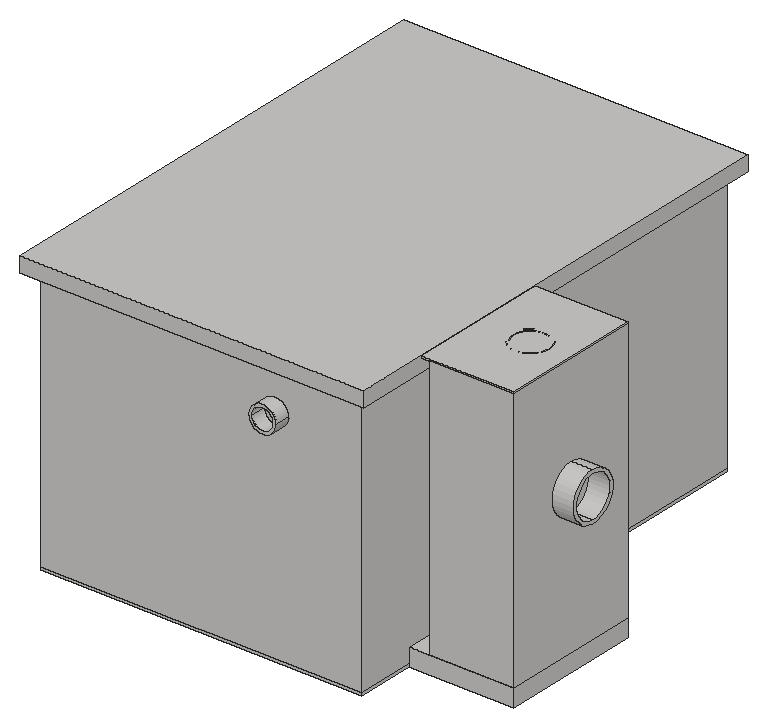
Revit family "Interceptor_Oil_Integral_Storage_Tank-Zurn-Z1186-ST", category Plumbing Fixtures, Revit 2022
Family settings
  Round Connector Dimension = Use Radius
  Part Type = Normal
  OmniClass Number = 23.45.30.00
  OmniClass Title = Washing and Waste Disposal Equipment
  Work Plane-Based = No
  Always vertical = Yes
  Cut with Voids When Loaded = No
  Maintain Annotation Orientation = No
  Shared = No
  Room Calculation Point = No
Parameters (values of type "Z1186-ST-300 (2 Inch 10 G.P.M)")
  Width of Body (G) = 23.563"
  Water Capacity Gal (L) = 7.00 L
  Waste Connection = 1 = 1  # yes
  WFU = 1  # constant formula
  Vent Radius = 0.500"  # constant formula
  Vent Connection = 1 = 0  # no
  URL = "www.zurn.com"
  Type Comments = ""
  Product data url = "https://www.bimobject.com/en/zurnindustries/product/Z1186-ST"
  Product Page URL = "https://www.zurn.com/products/drainage-interceptors/interceptors/oils-and-solids-interceptor/z1186-st"
  Product Installation Sheet URL = "https://files.zurn.com/care-cleaning-install-warranty-sheets/it78.pdf"
  Product Documentation Link = "https://files.zurn.com/spec-sheets/66797.pdf"
  Overall Length (F) = 23.063"
  Oil Storage Tank Capacity Gal (L) = 6.00 L
  No.of Covers = 1.000"
  Modified Date = "01/09/2026"  # constant formula
  Model = "Z1186-ST"  # constant formula
  Manufacurer Brand = "Zurn"  # constant formula
  Manufacturer = "Zurn Water, LLC"  # constant formula
  Main Material [instance] = Steel - Zurn - Fabricated - Acid resistant Coated
  Inlet/Outlet Radius (Inner) = 1.034"
  Inlet/Outlet Radius (Actual) = 1.188"
  Inlet/Outlet Connetor Radius = 1.000"
  Inlet/Outlet (D/E) = 8.125"
  Height of Body (C) = 13.875"
  HWFU = 0  # constant formula
  HW Connection = 1 = 0  # no
  Extented Box Length = 7.000"  # constant formula
  Extension Box Width = 4.563"  # constant formula
  Dimension (P) = 10.125"
  Dimension (N) = 16.875"
  Dimension (K) = 11.000"
  Dimension (H) = 12.063"
  Description = "OIL INTERCEPTOR W/ INTEGRAL STORAGE TANK"  # constant formula
  Default Elevation = 25.000"  # constant formula
  Date Created = "01/26/2023"  # constant formula
  Center Lenght of G = 7.000"
  CWFU = 0  # constant formula
  CW Connection = 1 = 0  # no
  Assembly Code = "D2090300"
  Approx. Weight (Lbs) = 95.00 lbf
Types (6): name | Width of Body (G) | Water Capacity Gal (L) | Overall Length (F) | Oil Storage Tank Capacity Gal (L) | No.of Covers | Inlet/Outlet Radius (Inner) | Inlet/Outlet Radius (Actual) | Inlet/Outlet Connetor Radius | Inlet/Outlet (D/E) | Height of Body (C) | Dimension (P) | Dimension (N) | Dimension (K) | Dimension (H) | Center Lenght of G | Approx. Weight (Lbs)
  Z1186-ST-300 (2 Inch 10 G.P.M) | 23.563" | 7.00 L | 23.063" | 6.00 L | 1.000" | 1.034" | 1.188" | 1.000" | 8.125" | 13.875" | 10.125" | 16.875" | 11.000" | 12.063" | 7.000" | 95.00 lbf
  Z1186-ST-400 (2 Inch 15 G.P.M) | 23.563" | 9.00 L | 23.063" | 6.00 L | 1.000" | 1.034" | 1.188" | 1.000" | 8.250" | 14.000" | 10.125" | 16.875" | 11.000" | 12.063" | 7.000" | 95.00 lbf
  Z1186-ST-500 (3 Inch 20 G.P.M) | 26.500" | 10.00 L | 25.063" | 8.00 L | 1.000" | 1.534" | 1.750" | 1.500" | 9.375" | 15.500" | 10.313" | 18.875" | 12.500" | 14.188" | 8.375" | 115.00 lbf
  Z1186-ST-600 (3 Inch 25 G.P.M) | 50.875" | 16.00 L | 35.219" | 55.00 L | 2.000" | 1.534" | 1.750" | 1.500" | 11.750" | 18.250" | 34.188" | 29.000" | 15.250" | 19.250" | 8.625" | 280.00 lbf
  Z1186-ST-700 (3 Inch 35 G.P.M) | 45.000" | 21.00 L | 43.438" | 55.00 L | 2.000" | 1.534" | 1.750" | 1.500" | 12.438" | 19.750" | 25.688" | 37.000" | 16.750" | 23.250" | 9.938" | 320.00 lbf
  Z1186-ST-800 (3 Inch 50 G.P.M) | 70.125" | 30.00 L | 49.438" | 125.00 L | 3.000" | 1.534" | 1.750" | 1.500" | 14.188" | 24.250" | 48.250" | 43.000" | 21.250" | 26.250" | 9.938" | 529.00 lbf
Reference planes (in)
  plane 1 "Center (Front/Back)": y = 0
  plane 2: z = 0
  plane 3 "Center (Left/Right)": x = 0
  plane 4: x = 3.6255
  plane 5: z = 8.125
  plane 6: z = 13.875
  plane 7: z = 11
  plane 8: y = 11.7815
  plane 9: y = -11.7815
  plane 10: y = 1.6565
  plane 11: y = -4.7815
  plane 12: y = -1.2815
  plane 13: y = -8.2815
  plane 14: x = -8.4375
  plane 15: x = 8.4375
  plane 16: z = 0.125
  plane 17: z = 0.25
  plane 18: z = 13.125
  plane 19: x = 13.0005
  plane 20: z = 13.78125
  plane 21: x = 8.875
  plane 22: x = -7.875
  plane 23: x = 7.875
  plane 24: z = 13
  plane 25: x = -7.75
  plane 26: x = 7.75
  plane 27: y = 11.2185
  plane 28: y = -11.2185
  plane 29: y = 11.0935
  plane 30: y = -11.0935
  plane 31: x = -8.9695
  plane 32: x = 14.0935
  plane 33: z = 9.313
  plane 34: z = 6.937
  plane 35: x = 11.0005
  plane 36: z = 12.75
  plane 37: x = -0.1255
  plane 38: x = 1.1895
  plane 39: z = 11.6575
  plane 40: z = 10.3425
  plane 41: y = 11.969
  plane 42: y = -11.969
  plane 43: x = 2.9675
  plane 44: x = 4.2835
  plane 45: y = -3.5935
  plane 46: y = -5.9695
Forms (in)
  Extrusion 1, solid, material "Steel - Zurn - Fabricated - Acid resistant Coated" <- "Main Material", detail levels fine
    sketch origin (-1.344, 0, -0.125) x (1, 0, 0) y (0, 0, 1)
      loop
        line (-7.0935, 14) -> (-7.0935, 13.25) -> (9.7815, 13.25) -> (9.7815, 14) -> (-7.0935, 14)
    from -11.7815 to 11.7815
  Extrusion 2, solid, material "Steel - Zurn - Fabricated - Acid resistant Coated" <- "Main Material", detail levels fine
    sketch origin (14.625, 0, 1.3125) x (1, 0, 0) y (0, 1, 0)
      loop
        line (-5.75, -1.2815) -> (-5.75, -8.2815) -> (-1.6245, -8.2815) -> (-1.6245, -1.2815) -> (-5.75, -1.2815)
    from -0.4375 to 12.46875
  Extrusion 3, solid, material "Steel - Zurn - Fabricated - Acid resistant Coated" <- "Main Material", detail levels fine
    sketch origin (3.5, -14.125, -0.125) x (1, 0, 0) y (0, 0, 1)
      loop
        line (4.9375, 14) -> (4.9375, 13.90625) -> (9.5005, 13.90625) -> (9.5005, 14) -> (4.9375, 14)
    from -12.8435 to -5.8435
  Extrusion 4, solid, material "Steel - Zurn - Fabricated - Acid resistant Coated" <- "Main Material", detail levels fine
    sketch origin (6.001, -1.53679, -0.125) x (1, 0, 0) y (0, 0, 1)
      loop
        line (1.874, 1) -> (1.874, 0.125) -> (6.9995, 0.125) -> (6.9995, 1) -> (1.874, 1)
    from -0.25529 to 6.74471
  Extrusion 5, solid, material "Steel - Zurn - Fabricated - Acid resistant Coated" <- "Main Material", detail levels fine
    sketch origin (1.75, -14.125, -0.219) x (1, 0, 0) y (0, 0, 1)
      loop
        line (-9.625, 13.344) -> (-9.625, 0.344) -> (6.125, 0.344) -> (6.125, 13.344) -> (-9.625, 13.344)
    from -2.9065 to -25.3435
  Extrusion 6, void, detail levels fine
    sketch origin (1.75, 0, 13.125) x (1, 0, 0) y (0, 1, 0)
      loop
        line (-9.5, 11.0935) -> (-9.5, -11.0935) -> (6, -11.0935) -> (6, 11.0935) -> (-9.5, 11.0935)
    from -12.875 to -0.125
  Extrusion 7, solid, material "Steel - Zurn - Fabricated - Acid resistant Coated" <- "Main Material", detail levels fine
    sketch origin (-15.49739, -11.7815, 48) x (-1, 0, 0) y (0, 0, 1)
      loop
        line (-7.62239, -47.875) -> (-23.37239, -47.875) -> (-23.37239, -48) -> (-7.62239, -48) -> (-7.62239, -47.875)
    from 0.563 to 23
  Extrusion 8, solid, material "Steel - Zurn - Fabricated - Acid resistant Coated" <- "Main Material", detail levels fine
    sketch origin (25.6875, -180, 22.98546) x (0, 0, 1) y (0, -1, 0)
      loop
        circle (-14.86046, -175.2185) r 1.188
      loop
        circle (-14.86046, -175.2185) r 1.034
    from -12.687 to -11.594
  Extrusion 9, solid, material "Steel - Zurn - Fabricated - Acid resistant Coated" <- "Main Material", detail levels fine
    sketch origin (25.6875, -180, 22.98546) x (0, 0, 1) y (0, -1, 0)
      loop
        circle (-14.86046, -175.2185) r 1.188
      loop
        circle (-14.86046, -175.2185) r 1.034
    from -34.657 to -33.5625
  Extrusion 10, solid, material "Steel - Zurn - Fabricated - Acid resistant Coated" <- "Main Material", detail levels fine
    sketch origin (-16.5126, -180, -3.594) x (-1, 0, 0) y (0, -1, 0)
      loop
        circle (-27.5131, -175.2185) r 0.95
      loop
        circle (-27.5131, -175.2185) r 0.805
    from 16.344 to 17.469
  Extrusion 11, solid, material "Steel - Zurn - Fabricated - Acid resistant Coated" <- "Main Material", detail levels fine
    sketch origin (-15.49739, -11.7815, 48) x (-1, 0, 0) y (0, 0, 1)
      loop
        circle (-19.12289, -37) r 0.6575
      loop
        circle (-19.12289, -37) r 0.5245
    from -0.1875 to 23.7505
Lines and regions (in)
  Masking region 1, detail levels fine
    outline origin (-18.38526, -180, 11) x (-1, 0, 0) y (0, -1, 0)
      loop
        line (-9.94776, -191.7815) -> (-9.94776, -176.4065) -> (-9.41576, -176.4065) -> (-9.41576, -174.0305) -> (-9.94776, -174.0305) -> (-9.94776, -168.2185) -> (-21.35276, -168.2185) -> (-21.35276, -168.031) -> (-22.66876, -168.031) -> (-22.66876, -168.2185) -> (-26.82276, -168.2185) -> (-26.82276, -171.7185) -> (-31.38576, -171.7185) -> (-31.38576, -174.0305) -> (-32.47876, -174.0305) -> (-32.47876, -176.4065) -> (-31.38576, -176.4065) -> (-31.38576, -178.7185) -> (-26.82276, -178.7185) -> (-26.82276, -191.7815) -> (-22.66876, -191.7815) -> (-22.66876, -191.969) -> (-21.35276, -191.969) -> (-21.35276, -191.7815) -> (-9.94776, -191.7815)
  model lines, detail levels coarse+medium
    curve 1: line (-8.4375, -11.7815, 13.875) -> (8.4375, -11.7815, 13.875)
    curve 2: line (-8.4375, 11.7815, 13.875) -> (-8.4375, -11.7815, 13.875)
    curve 3: line (8.4375, 11.7815, 13.875) -> (8.4375, -11.7815, 13.875)
    curve 4: line (-8.4375, 11.7815, 13.875) -> (8.4375, 11.7815, 13.875)
    curve 5: line (8.4375, -1.2815, 13.875) -> (13.0005, -1.2815, 13.875)
    curve 6: line (8.4375, -8.2815, 13.875) -> (13.0005, -8.2815, 13.875)
    curve 7: line (13.0005, -1.2815, 13.875) -> (13.0005, -8.2815, 13.875)
    curve 8: line (-8.4375, 0, 13.875) -> (-8.4375, 0, 13.125)
    curve 9: line (-8.4375, 0, 13.875) -> (8.4375, 0, 13.875)
    curve 10: line (8.4375, 0, 13.875) -> (8.4375, 0, 13.125)
    curve 11: line (7.875, 0, 13.125) -> (8.4375, 0, 13.125)
    curve 12: line (-8.4375, 0, 13.125) -> (-7.875, 0, 13.125)
    curve 13: line (-7.875, 0, 13.125) -> (-7.875, 0, 0)
    curve 14: line (-7.875, 0, 0) -> (7.875, 0, 0)
    curve 15: line (7.875, 0, 13.125) -> (7.875, 0, 0)
    curve 16: line (-8.9695, -4.7815, 8.125) -> (14.0935, -4.7815, 8.125)
    curve 17: line (-8.9695, -4.7815, 9.313) -> (-8.9695, -4.7815, 6.937)
    curve 18: line (-8.9695, -3.5935, 8.125) -> (-8.9695, -5.9695, 8.125)
    curve 19: line (14.0935, -3.5935, 8.125) -> (14.0935, -5.9695, 8.125)
    curve 20: line (14.0935, -4.7815, 9.313) -> (14.0935, -4.7815, 6.937)
    curve 21: line (3.6255, -11.969, 11) -> (3.6255, 11.969, 11)
    curve 22: line (2.9675, 11.969, 11) -> (4.2835, 11.969, 11)
    curve 23: line (2.9675, -11.969, 11) -> (4.2835, -11.969, 11)
    curve 24: line (3.6255, 11.969, 11.6575) -> (3.6255, 11.969, 10.3425)
    curve 25: line (3.6255, -11.969, 11.6575) -> (3.6255, -11.969, 10.3425)
Dimensions and locks (in)
  "Height of Body (C)": plane 6 to level
  "Inlet/Outlet (D/E)": plane 5 to level
  "Dimension (K)": plane 7 to level
  equal spacing: plane 8, plane 1 "Center (Front/Back)", plane 9
  "Dimension (P)": plane 8 to plane 10
  "Width of Body (G)": plane 8 to plane 9
  plane 12 to plane 11 = 3.500"  (x2)
  plane 11 to plane 13 = 3.500"  (x2)
  "Center Lenght of G": plane 11 to plane 9
  plane 8 to plane 9 = 23.563"
  plane 11 to plane 9 = 7.000"
  plane 8 to plane 10 = 10.125"
  equal spacing: plane 14, plane 3 "Center (Left/Right)", plane 15
  "Dimension (N)": plane 14 to plane 15
  plane 16 to level = 0.125"
  plane 17 to plane 16 = 0.125"
  plane 6 to plane 18 = 0.750"
  plane 15 to plane 14 = 16.875"
  "Extension Box Width": plane 19 to plane 15
  plane 6 to plane 20 = 0.09375"
  plane 21 to plane 15 = 0.4375"
  plane 22 to plane 14 = 0.5625"
  plane 15 to plane 23 = 0.5625"
  plane 25 to plane 22 = 0.125"
  plane 23 to plane 26 = 0.125"
  plane 18 to plane 24 = 0.125"
  plane 28 to plane 9 = 0.563"
  plane 8 to plane 27 = 0.563"
  plane 27 to plane 29 = 0.125"
  plane 30 to plane 28 = 0.125"
  plane 22 to plane 31 = 1.0945"
  plane 32 to plane 19 = 1.093"
  "Inlet/Outlet Radius (Actual)": plane 33 to plane 5
  "Inlet/Outlet Radius (Actual)": plane 5 to plane 34
  plane 19 to plane 35 = 2.000"
  plane 35 to plane 15 = 2.563"
  plane 6 to plane 36 = 1.125"
  plane 9 to plane 8 = 23.563"
  plane 9 to plane 11 = 7.000"
  plane 10 to plane 8 = 10.125"
  plane 4 to plane 37 = 3.751"
  plane 4 to plane 38 = 2.436"
  plane 38 to plane 37 = 1.315"
  plane 39 to plane 7 = 0.6575"
  plane 7 to plane 40 = 0.6575"
  plane 41 to plane 8 = 0.1875"
  plane 9 to plane 42 = 0.1875"
  "Overall Length (F)": plane 32 to plane 31
  "Dimension (H)": plane 4 to plane 14
  "Extented Box Length": plane 12 to plane 13
  plane 43 to plane 4 = 0.658"
  plane 4 to plane 44 = 0.658"
  "Inlet/Outlet Radius (Actual)": plane 11 to plane 46
  "Inlet/Outlet Radius (Actual)": plane 45 to plane 11
  plane 33 to plane 5 = 1.188"
  plane 5 to plane 34 = 1.188"
  "Inlet/Outlet Radius (Actual)": radius of Extrusion 8 sketch curve
  "Inlet/Outlet Radius (Inner)": radius of Extrusion 8 sketch curve
  "Inlet/Outlet Radius (Actual)": radius of Extrusion 9 sketch curve
  "Inlet/Outlet Radius (Inner)": radius of Extrusion 9 sketch curve
  aligned and locked: plane 2 to level
  aligned and locked: Extrusion 1 to plane 18
  aligned and locked: plane 6 to Extrusion 1
  aligned and locked: Extrusion 1 to plane 14
  aligned and locked: plane 15 to Extrusion 1
  aligned and locked: Extrusion 3 to plane 15  (x2)
  aligned and locked: plane 6 to Extrusion 3
  aligned and locked: plane 20 to Extrusion 3
  aligned and locked: plane 19 to Extrusion 2
  aligned and locked: plane 19 to Extrusion 3  (x3)
  aligned and locked: Extrusion 2 to plane 21  (x2)
  aligned and locked: Extrusion 4 to level
  aligned and locked: plane 8 to Extrusion 1
  aligned and locked: Extrusion 1 to plane 9
  aligned and locked: plane 12 to Extrusion 3
  aligned and locked: Extrusion 3 to plane 13
  aligned and locked: plane 12 to Extrusion 2
  aligned and locked: Extrusion 2 to plane 13
  aligned and locked: plane 12 to Extrusion 4
  aligned and locked: Extrusion 4 to plane 13
  aligned and locked: Extrusion 4 to plane 23
  aligned and locked: plane 19 to Extrusion 4
  aligned and locked: plane 18 to Extrusion 5
  aligned and locked: Extrusion 5 to plane 22
  aligned and locked: plane 23 to Extrusion 5
  aligned and locked: Extrusion 5 to plane 16  (x2)
  aligned and locked: Extrusion 6 to plane 17
  aligned and locked: plane 24 to Extrusion 6
  aligned and locked: Extrusion 6 to plane 25
  aligned and locked: plane 26 to Extrusion 6
  aligned and locked: plane 17 to Extrusion 6
  aligned and locked: plane 27 to Extrusion 5
  aligned and locked: plane 29 to Extrusion 6
  aligned and locked: Extrusion 5 to plane 28
  aligned and locked: Extrusion 6 to plane 30
  aligned and locked: Extrusion 7 sketch curve to plane 23
  aligned and locked: level to Extrusion 7 sketch curve
  aligned and locked: plane 22 to Extrusion 7 sketch curve
  aligned and locked: Extrusion 7 sketch curve to plane 16
  aligned and locked: plane 27 to Extrusion 7
  aligned and locked: Extrusion 7 to plane 28
  aligned and locked: plane 11 to Extrusion 8 sketch curve  (x2)
  aligned and locked: plane 5 to Extrusion 8 sketch curve  (x2)
  aligned and locked: Extrusion 8 to plane 19
  aligned and locked: plane 32 to Extrusion 8
  aligned and locked: plane 11 to Extrusion 9 sketch curve  (x2)
  aligned and locked: plane 5 to Extrusion 9 sketch curve  (x2)
  aligned and locked: Extrusion 9 to plane 31
  aligned and locked: plane 22 to Extrusion 9
  aligned and locked: plane 35 to Extrusion 10 sketch curve  (x2)
  aligned and locked: plane 11 to Extrusion 10 sketch curve  (x2)
  aligned and locked: plane 6 to Extrusion 10
  aligned and locked: Extrusion 10 to plane 36
  aligned and locked: plane 4 to Extrusion 11 sketch curve  (x2)
  aligned and locked: plane 7 to Extrusion 11 sketch curve  (x2)
  aligned and locked: Extrusion 11 to plane 42
  aligned and locked: plane 41 to Extrusion 11
  aligned and locked: plane 20 to Extrusion 2
  aligned and locked: plane 8 to curve 2
  aligned and locked: plane 9 to curve 2
  aligned and locked: curve 2 to plane 14
  aligned and locked: plane 14 to curve 1
  aligned and locked: plane 8 to curve 3
  aligned and locked: plane 15 to curve 6
  aligned and locked: plane 19 to curve 6
  aligned and locked: curve 6 to plane 13
  aligned and locked: plane 15 to curve 5
  aligned and locked: plane 19 to curve 5
  aligned and locked: curve 5 to plane 12
  aligned and locked: plane 12 to curve 7
  aligned and locked: plane 13 to curve 7
  aligned and locked: curve 8 to plane 14
  aligned and locked: plane 15 to curve 9
  aligned and locked: curve 9 to plane 6
  aligned and locked: plane 6 to curve 10
  aligned and locked: plane 18 to curve 10
  aligned and locked: plane 15 to curve 11
  aligned and locked: curve 11 to plane 18
  aligned and locked: plane 14 to curve 12
  aligned and locked: plane 22 to curve 12
  aligned and locked: curve 12 to plane 18
  aligned and locked: plane 18 to curve 13
  aligned and locked: level to curve 13
  aligned and locked: level to curve 15
  aligned and locked: curve 15 to plane 23
  aligned and locked: plane 22 to curve 14
  aligned and locked: plane 23 to curve 14
  aligned and locked: plane 31 to curve 16
  aligned and locked: plane 32 to curve 16
  aligned and locked: curve 16 to plane 11
  aligned and locked: plane 45 to curve 18
  aligned and locked: plane 46 to curve 18
  aligned and locked: curve 18 to plane 31
  aligned and locked: plane 45 to curve 19
  aligned and locked: plane 46 to curve 19
  aligned and locked: curve 19 to plane 32
  aligned and locked: plane 33 to curve 17
  aligned and locked: plane 34 to curve 17
  aligned and locked: curve 17 to plane 11
  aligned and locked: plane 33 to curve 20
  aligned and locked: plane 34 to curve 20
  aligned and locked: curve 20 to plane 11
  aligned and locked: plane 42 to curve 21
  aligned and locked: plane 41 to curve 21
  aligned and locked: curve 21 to plane 7
  aligned and locked: plane 43 to curve 22
  aligned and locked: plane 44 to curve 22
  aligned and locked: curve 22 to plane 41
  aligned and locked: plane 43 to curve 23
  aligned and locked: plane 44 to curve 23
  aligned and locked: curve 23 to plane 42
  aligned and locked: plane 39 to curve 24
  aligned and locked: plane 40 to curve 24
  aligned and locked: plane 41 to curve 24
  aligned and locked: plane 39 to curve 25
  aligned and locked: plane 40 to curve 25
  aligned and locked: plane 42 to curve 25
  aligned and locked: plane 43 to Masking region 1 sketch curve
  aligned and locked: Masking region 1 sketch curve to plane 8  (x2)
  aligned and locked: plane 44 to Masking region 1 sketch curve
  aligned and locked: Masking region 1 sketch curve to Extrusion 11  (x2)
  aligned and locked: plane 41 to Masking region 1 sketch curve
  aligned and locked: plane 8 to Masking region 1 sketch curve  (x2)
  aligned and locked: Masking region 1 sketch curve to plane 44  (x2)
  aligned and locked: Masking region 1 sketch curve to plane 43  (x2)
  aligned and locked: plane 12 to Masking region 1 sketch curve
  aligned and locked: Masking region 1 sketch curve to plane 15  (x2)
  aligned and locked: Masking region 1 sketch curve to Extrusion 3  (x2)
  aligned and locked: Masking region 1 sketch curve to Extrusion 8
  aligned and locked: plane 45 to Masking region 1 sketch curve  (x2)
  aligned and locked: Masking region 1 sketch curve to plane 19
  aligned and locked: plane 19 to Masking region 1 sketch curve  (x3)
  aligned and locked: plane 32 to Masking region 1 sketch curve
  aligned and locked: Masking region 1 sketch curve to plane 46  (x2)
  aligned and locked: plane 9 to Masking region 1 sketch curve  (x3)
  aligned and locked: plane 15 to Masking region 1 sketch curve
  aligned and locked: Masking region 1 sketch curve to plane 9
  aligned and locked: plane 42 to Masking region 1 sketch curve
  aligned and locked: plane 46 to Masking region 1 sketch curve
  aligned and locked: Masking region 1 sketch curve to plane 14  (x2)
  aligned and locked: Masking region 1 sketch curve to Extrusion 9
  aligned and locked: plane 31 to Masking region 1 sketch curve
  aligned and locked: plane 14 to Masking region 1 sketch curve
  aligned and locked: Masking region 1 sketch curve to plane 45
Automatic sketch dimensions
  Extrusion 1 sketch curve to plane 14 = 0.000"
  Extrusion 1 sketch curve to plane 15 = 0.000"
  Extrusion 1 sketch curve to plane 18 = 0.000"
  Extrusion 1 sketch curve to plane 6 = 0.000"
  Extrusion 2 sketch curve to plane 13 = 0.000"
  Extrusion 2 sketch curve to plane 21 = 0.000"
  Extrusion 2 sketch curve to plane 19 = 0.000"
  Extrusion 2 sketch curve to plane 12 = 0.000"
  Extrusion 3 sketch curve to plane 15 = 0.000"
  Extrusion 3 sketch curve to plane 19 = 0.000"
  Extrusion 3 sketch curve to plane 20 = 0.000"
  Extrusion 3 sketch curve to plane 6 = 0.000"
  Extrusion 4 sketch curve to level = 0.000"
  Extrusion 4 sketch curve to plane 23 = 0.000"
  Extrusion 4 sketch curve to plane 19 = 0.000"
  plane 17 to Extrusion 4 sketch curve = 0.625"
  plane 14 to Extrusion 5 sketch curve = 0.5625"
  Extrusion 5 sketch curve to plane 23 = 0.000"
  level to Extrusion 5 sketch curve = 0.125"
  plane 5 to Extrusion 5 sketch curve = 5.000"
  plane 14 to Extrusion 6 sketch curve = 0.6875"
  Extrusion 6 sketch curve to plane 23 = 0.125"
  plane 9 to Extrusion 6 sketch curve = 0.688"
  plane 12 to Extrusion 6 sketch curve = 12.375"
  radius of Extrusion 10 sketch curve = 0.950"
  radius of Extrusion 10 sketch curve = 0.805"
  radius of Extrusion 11 sketch curve = 0.6575"
  radius of Extrusion 11 sketch curve = 0.5245"
Connectors (in)
  piping at (14.0935, -4.7815, 8.125), diameter 2, driven by "Inlet/Outlet Connetor Radius", driven by "Waste Connection"
    settings: on Extrusion 8, index 1, connector inside diameter 24", connector length 0.000", flow factor 0, pipe flow 0 GPM, pressure drop 0.00 psi, fitting loss kfactor 0, connector angle 0.00°, fixture units 0, engagement length 0.000", angle of deflection 0.00°, flow configuration 0, flow direction 2, fitting loss method 0, system type 16, joint type 0, gender type 0, connector reference index -1, connector utility 1, adjustable connector no, is connector primary yes, connector description "Outlet Connection"
  piping at (-8.9695, -4.7815, 8.125), diameter 2, driven by "Inlet/Outlet Connetor Radius", driven by "Waste Connection"
    settings: on Extrusion 9, index 2, connector inside diameter 24", connector length 0.000", flow factor 0, pipe flow 0 GPM, pressure drop 0.00 psi, fitting loss kfactor 0, connector angle 0.00°, fixture units 0, engagement length 0.000", angle of deflection 0.00°, flow configuration 0, flow direction 1, fitting loss method 0, system type 16, joint type 0, gender type 0, connector reference index -1, connector utility 1, adjustable connector no, is connector primary no, connector description "Inlet Connection"
  piping at (3.6255, 11.969, 11), diameter 1, driven by "Vent Radius", driven by "Vent Connection"
    settings: on Extrusion 11, index 3, connector inside diameter 24", connector length 0.000", flow factor 0, pipe flow 0 GPM, pressure drop 0.00 psi, fitting loss kfactor 0, connector angle 0.00°, fixture units 0, engagement length 0.000", angle of deflection 0.00°, flow configuration 0, flow direction 2, fitting loss method 0, system type 17, joint type 0, gender type 0, connector reference index -1, connector utility 0, adjustable connector no, is connector primary no, connector description "Vent Connection"
  piping at (3.6255, -11.969, 11), diameter 1, driven by "Vent Radius", driven by "Vent Connection"
    settings: on Extrusion 11, index 4, connector inside diameter 24", connector length 0.000", flow factor 0, pipe flow 0 GPM, pressure drop 0.00 psi, fitting loss kfactor 0, connector angle 0.00°, fixture units 0, engagement length 0.000", angle of deflection 0.00°, flow configuration 0, flow direction 2, fitting loss method 0, system type 17, joint type 0, gender type 0, connector reference index -1, connector utility 0, adjustable connector no, is connector primary no, connector description "Vent Connection"
